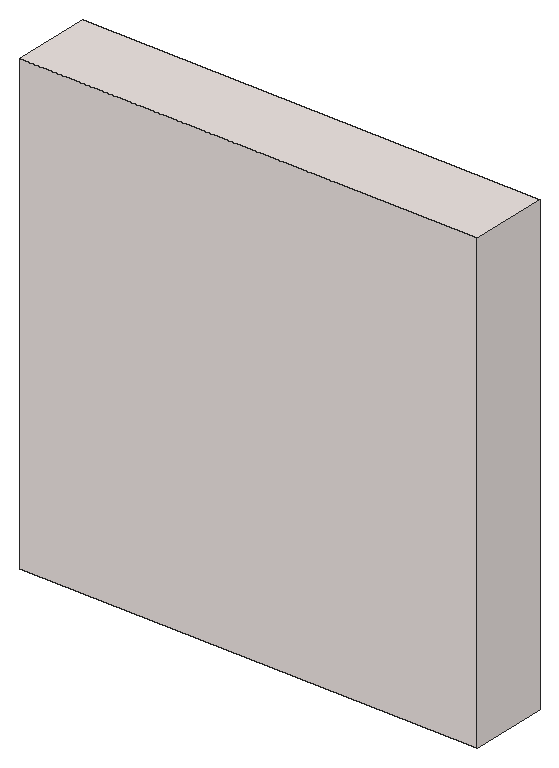
Revit family
Parameters (values of type "opbouw 790x790x135 20m")
  tekst zichtbaar = yes
  slanglengte = brandslangkast tag generic : brandslangkast tag 20m
  plaatsingshoogte = 800 mm
  muur_tot_voorzijde = 135 mm
  kastdiepte = 135 mm
  kast = brandslagkast
  hoogte = 790 mm
  deuroffset = 22 mm
  deur = brandslagkast
  breedte = 790 mm
  afwerkrand_inbouw = brandslagkast
  achterzijde_deurgreep = brandslagkastachtergrond
  Type Comments = "20 m"
  Manufacturer = "www.revitlog.nl"
Types (4, lengths in mm): name | slanglengte | muur_tot_voorzijde | kastdiepte | breedte | Type Comments
  opbouw 790x790x135 20m | brandslangkast tag generic : brandslangkast tag 20m | 135 | 135 | 790 | "20 m"
  opbouw 790x790x185 25m | brandslangkast tag generic : brandslangkast tag 25m | 185 | 185 | 790 | "25 m"
  opbouw 790x790x225 30m | brandslangkast tag generic : brandslangkast tag 30m | 225 | 225 | 790 | "30 m"
  opbouw 790x1090x225 30m combi | brandslangkast tag generic : brandslangkast tag 30m | 225 | 225 | 1090 | "30 m"
Reference planes
  plane 1: y = 0
  plane 2 "Center (Left/Right)": x = 135.052
  plane 3 "Back": y = 75
  plane 4: y = 210
  plane 5 "linker zijkant": x = -259.948
  plane 6 "rechter zijkant": x = 530.052
  plane 7: z = 800
  plane 8: z = 1590
  plane 9 "achterzijde kast": y = 75
  plane 10: x = 508.052
  plane 11: z = 1568
  plane 12: x = -237.948
  plane 13: z = 822
  plane 14 "midden horizontaal": z = 1195
  plane 15: x = -169.948
  plane 16: x = -230.948
  plane 17: z = 1445
  plane 18: z = 945
Forms (mm)
  Sweep 1, solid, material "brandslagkast" <- "kast"
    path origin (-928.71, 210, 4000) x (-1, 0, 0) y (0, 0, 1)
      loop
        line (-1458.762, -3200) -> (-668.762, -3200) -> (-668.762, -2410) -> (-1458.762, -2410) -> (-1458.762, -3200)
    profile origin (530.052, 210, 1195) x (1, 0, 0) y (0, 1, 0)
      loop
        line (0, 0) -> (-20, 0) -> (-20, -135) -> (0, -135) -> (0, 0)
  Extrusion 2, solid, material "brandslagkast" <- "kast"
    sketch origin (-928.71, 75, 4000) x (-1, 0, 0) y (0, 0, 1)
      loop
        line (-1458.762, -3200) -> (-668.762, -3200) -> (-668.762, -2410) -> (-1458.762, -2410) -> (-1458.762, -3200)
    from 0 to 2
  Extrusion 3, solid, material "brandslagkast" <- "deur"
    sketch origin (-928.71, 210, 4000) x (-1, 0, 0) y (0, 0, 1)
      loop
        line (-1436.762, -3178) -> (-690.762, -3178) -> (-690.762, -2432) -> (-1436.762, -2432) -> (-1436.762, -3178)
    from 0 to -2
  Sweep 4, solid, material "brandslagkast" <- "deur"
    path origin (-928.71, 210, 4000) x (-1, 0, 0) y (0, 0, 1)
      loop
        line (-1436.762, -3178) -> (-690.762, -3178) -> (-690.762, -2432) -> (-1436.762, -2432) -> (-1436.762, -3178)
    profile origin (508.052, 210, 1195) x (1, 0, 0) y (0, 1, 0)
      loop
        line (0, 0) -> (-2, 0) -> (-2, -15) -> (0, -15) -> (0, 0)
  Extrusion 5, solid, material "brandslagkastachtergrond" <- "achterzijde_deurgreep"
    sketch origin (-928.71, 210, 4000) x (-1, 0, 0) y (0, 0, 1)
      loop
        line (-780.762, -3085) -> (-690.762, -3085) -> (-690.762, -2525) -> (-780.762, -2525) -> (-780.762, -3085)
    from -15 to -13
  Sweep 6, solid, material "brandslagkastachtergrond" <- "achterzijde_deurgreep"
    path origin (-928.71, 210, 4000) x (-1, 0, 0) y (0, 0, 1)
      loop
        line (-690.762, -3085) -> (-780.762, -3085) -> (-780.762, -2525) -> (-690.762, -2525)
    profile origin (-192.948, 210, 915) x (0, 0, -1) y (0, 1, 0)
      loop
        line (0, -2) -> (-10, -2) -> (-10, -13) -> (0, -13) -> (0, -2)
  Sweep 7, void
    path origin (-169.948, 474.361, 4000) x (0, 1, 0) y (0, 0, 1)
      loop
        line (-264.361, -2805) -> (-399.361, -2805)
    profile "deurgreepprofiel : deurgreepprofiel" origin (-169.948, 142.5, 1195) x (0, 0, -1) y (1, 0, 0)
      loop
        arc (-240, 0) -> (-247.071, -2.929) -> (-250, -10) r 10
        line (-250, -10) -> (-250, -12.783)
        arc (-250, -12.783) -> (-248.095, -18.654) -> (-243.106, -22.288) r 10
        arc (-243.106, -22.288) -> (0, -61) -> (243.106, -22.288) r 782.695
        arc (243.106, -22.288) -> (248.095, -18.654) -> (250, -12.783) r 10
        line (250, -12.783) -> (250, -10)
        arc (250, -10) -> (247.071, -2.929) -> (240, 0) r 10
        line (240, 0) -> (-240, 0)
Cuts and joins
  Sweep 7 cuts Sweep 1
  joined: Sweep 1, Extrusion 2
  Sweep 7 cuts Extrusion 3
  Sweep 7 cuts Sweep 4
  joined: Extrusion 3, Sweep 4
  Sweep 7 cuts Sweep 6
  joined: Extrusion 5, Sweep 6
Lines and regions (mm)
  symbolic lines
    curve 1: line (135.052, 210, 0) -> (135.052, 620, 0)
    curve 2: circle (135.052, 407.103, 0) r 150 normal (0, 0, 1)
    curve 3: line (-89.948, 407.103, 0) -> (360.052, 407.103, 0)
    curve 4: arc (156.89, 650.021, 0) -> (177.431, 668.466, 0) -> (185.052, 695, 0) r 50
    curve 5: arc (185.052, 695, 0) -> (170.407, 730.355, 0) -> (135.052, 745, 0) r 50
    curve 6: arc (135.052, 745, 0) -> (99.696, 759.645, 0) -> (85.052, 795, 0) r 50
    curve 7: arc (135.052, 620, 0) -> (141.089, 638.562, 0) -> (156.89, 650.021, 0) r 31.554
    curve 8: arc (156.89, 939.979, 0) -> (177.431, 921.534, 0) -> (185.052, 895, 0) r 50
    curve 9: arc (185.052, 895, 0) -> (170.407, 859.645, 0) -> (135.052, 845, 0) r 50
    curve 10: arc (135.052, 845, 0) -> (99.696, 830.355, 0) -> (85.052, 795, 0) r 50
    curve 11: arc (135.052, 970, 0) -> (141.089, 951.438, 0) -> (156.89, 939.979, 0) r 31.554
Text (mm)
  text "Placement side" at (-1864.261, 916.262, 0), in view "Ref. Level"
  text "Placement side" at (0, 1605.175, 2923.955), in view "Left"
  text "Placement side" at (0, 595.982, 3004.978), in view "Right"
Dimensions and locks
  locked: plane 3 "Back" to host wall at 0
  "kastdiepte": plane 3 "Back" to plane 4
  equal spacing: plane 5 "linker zijkant", plane 2 "Center (Left/Right)", plane 6 "rechter zijkant"
  "breedte": plane 5 "linker zijkant" to plane 6 "rechter zijkant"
  "plaatsingshoogte": level to plane 7
  "hoogte": plane 7 to plane 8
  "kastdiepte": plane 4 to plane 9 "achterzijde kast"
  "deuroffset": plane 11 to plane 8
  "deuroffset": plane 7 to plane 13
  "deuroffset": plane 6 "rechter zijkant" to plane 10
  "deuroffset": plane 12 to plane 5 "linker zijkant"
  equal spacing: plane 7, plane 14 "midden horizontaal", plane 8
  locked: Extrusion 5 sketch curve to plane 14 "midden horizontaal" at 280
  locked: plane 14 "midden horizontaal" to Extrusion 5 sketch curve at 280
  locked: cut or joined group of Extrusion 3, Sweep 4, Sweep 7 to Extrusion 5 sketch curve at 90
  locked: plane 15 to plane 16 at 61
  locked: plane 14 "midden horizontaal" to plane 17 at 250
  locked: plane 18 to plane 14 "midden horizontaal" at 250
  locked: plane 16 to plane 12 at 7
  aligned and locked: plane 1 to host wall
  aligned and locked: Sweep 1 sketch curve to plane 8
  aligned and locked: Sweep 1 sketch curve to plane 6 "rechter zijkant"
  aligned and locked: plane 7 to Sweep 1 sketch curve
  aligned and locked: plane 5 "linker zijkant" to Sweep 1 sketch curve
  aligned and locked: plane 9 "achterzijde kast" to Sweep 1 sketch curve
  aligned and locked: Sweep 1 sketch curve to plane 4
  aligned and locked: Extrusion 2 sketch curve to plane 8
  aligned and locked: plane 5 "linker zijkant" to Extrusion 2 sketch curve
  aligned and locked: plane 7 to Extrusion 2 sketch curve
  aligned and locked: Extrusion 2 sketch curve to plane 6 "rechter zijkant"
  aligned and locked: Extrusion 3 sketch curve to plane 11
  aligned and locked: plane 12 to Extrusion 3 sketch curve
  aligned and locked: plane 13 to Extrusion 3 sketch curve
  aligned and locked: Extrusion 3 sketch curve to plane 10
  aligned and locked: Sweep 4 sketch curve to plane 11
  aligned and locked: plane 13 to Sweep 4 sketch curve
  aligned and locked: Sweep 4 sketch curve to plane 10
  aligned and locked: plane 12 to Sweep 4 sketch curve
  aligned and locked: plane 12 to Extrusion 5 sketch curve
  aligned and locked: Sweep 6 sketch curve to Extrusion 5  (x3)
  aligned and locked: plane 12 to Sweep 6 sketch curve  (x2)
  aligned and locked: Sweep 7 sketch curve to plane 14 "midden horizontaal"
  aligned and locked: plane 9 "achterzijde kast" to Sweep 7 sketch curve
  aligned and locked: plane 4 to Sweep 7 sketch curve
Automatic sketch dimensions
  Sweep 1 sketch curve to profile plane = 0 mm
  profile plane to Sweep 1 sketch curve = 20 mm
  Sweep 4 sketch curve to plane 4 = 0 mm
  Sweep 4 sketch curve to profile plane = 0 mm
  Sweep 4 sketch curve to Sweep 4 sketch curve = 2 mm
  Sweep 4 sketch curve to plane 4 = 15 mm
  Sweep 6 sketch curve to profile plane = 0 mm
  Sweep 6 sketch curve to plane 4 = 2 mm
  Sweep 6 sketch curve to Sweep 6 sketch curve = 10 mm
  Sweep 6 sketch curve to Sweep 6 sketch curve = 11 mm
  curve 4 to curve 5 = 0 mm
  curve 6 to curve 10 = 0 mm
  curve 8 to curve 9 = 0 mm
  curve 2 to plane 2 "Center (Left/Right)" = 0 mm
  curve 11 to plane 2 "Center (Left/Right)" = 0 mm
  curve 4 to plane 2 "Center (Left/Right)" = 0 mm
  curve 1 to plane 2 "Center (Left/Right)" = 0 mm
  curve 1 to plane 4 = 0 mm
  plane 15 to curve 3 = 80 mm
  plane 2 "Center (Left/Right)" to curve 11 = 21.839 mm
  plane 2 "Center (Left/Right)" to curve 4 = 21.839 mm
  curve 1 to curve 2 = 197.103 mm
  plane 4 to curve 3 = 197.103 mm
  curve 9 to curve 10 = 0 mm
  curve 6 to curve 5 = 0 mm
  curve 2 to curve 1 = 212.897 mm
  curve 6 to plane 2 "Center (Left/Right)" = 50 mm
  curve 11 to curve 11 = 9.716 mm
  curve 1 to curve 7 = 31.554 mm
  curve 4 to curve 4 = 50 mm
  curve 8 to curve 8 = 50 mm
  curve 3 to plane 10 = 148 mm
  radius of curve 2 = 150 mm
Nested families
  nested 1: "brandslangkast tag generic" at (-259.948, 872.685, 0), type <- "slanglengte", visible <- "tekst zichtbaar", type "brandslangkast tag 20m"
Definition of nested family "brandslangkast tag generic"
  Parameters
    slanglengte = ""
  Reference planes
    plane 1: y = 0
    plane 2: x = 0
  Text (mm)
    label "slanglengte" at (1.98, 0.151, 0), shows "slanglengte"
